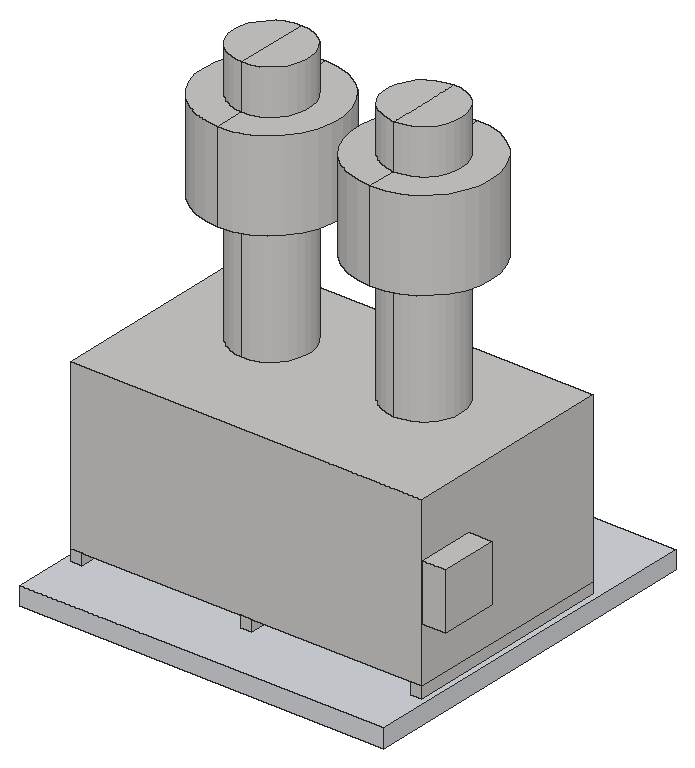
Revit family "DC_Rheem_PLM_Raypak_B3304HWT", category Plumbing Fixtures, host Face, Revit 2020
Family settings
  Host = Face
  Round Connector Dimension = Use Radius
  Part Type = Normal
  Cut with Voids When Loaded = No
  Shared = No
  Room Calculation Point = No
Parameters
  Width_ANZRS = 1430 mm
  URL = "http://www.rheem.com.au/downloads/PDF/Raypak_Mechanical_Heating_Brochure_July_09.pdf\r\n"
  Type Comments = "Recovery 12728L/h @ 50°C rise\r\n"
  TopSmallDiameter_ANZRS = 500 mm
  TopH2_ANZRS = 600 mm
  TopH1_ANZRS = 300 mm
  TopBigDiameter_ANZRS = 900 mm
  PRVDiameter_ANZRS = PRVRadius_ANZRS * 2  # 30 mm
  Materials_ANZRS = Raypak - Grey Powder Coated Steel
  PRVRadius_ANZRS = 15 mm
  PRVDistance_ANZRS = 400 mm
  Model = "B3304NCO/HWT\r\n\r\n"
  Manufacturer = "Raypak\r\n"
  Length_ANZRS = 2350 mm
  HotWaterPipeDistance_ANZRS = 235 mm
  HotWaterPipeRadius_ANZRS = 40 mm
  HotWaterPipeDiameter_ANZRS = HotWaterPipeRadius_ANZRS * 2  # 80 mm
  Height_ANZRS = 2965 mm
  GasPipeRadius_ANZRS = 40 mm
  GasPipeHeight_ANZRS = 600 mm
  GasPipeDistance_ANZRS = 210 mm
  GasPipeDiameter_ANZRS = GasPipeRadius_ANZRS * 2  # 80 mm
  EleBoxWidth_ANZRS = 160 mm
  EleBoxHeightFromBase_ANZRS = 450 mm
  EleBoxHeight_ANZRS = 380 mm
  DesignBy_ANZRS = "Design Content ©"
  Description = "Raypak - Gas Water Heater- Outdoor - 3304 MJ/h  Natural gas, On/Off gas control\r\n"
  Default Elevation = 0 mm
  ConnectionHeight_ANZRS = 910 mm
  ColdWaterPipeRadius_ANZRS = 40 mm
  ColdWaterPipeDistance_ANZRS = 567 mm
  ColdWaterPipeDiameter_ANZRS = ColdWaterPipeRadius_ANZRS * 2  # 80 mm
  BoxHeight_ANZRS = 1195 mm
  BaseWidth_ANZRS = 75 mm
  BaseHeight_ANZRS = 75 mm
  BaseDistance_ANZRS = 0 mm
  Author_ANZRS = "DM"
  Assembly Code = ""
  A1_ANZRS = 665 mm
Types (5, lengths in mm): name | URL | Type Comments | Model | GasPipeRadius_ANZRS | GasPipeDiameter_ANZRS | Description
  (no name) | "http://www.rheem.com.au/downloads/PDF/Raypak_Mechanical_Heating_Brochure_July_09.pdf\r\n" | "Recovery 12728L/h @ 50°C rise\r\n" | "B3304NCO/HWT\r\n\r\n" | 40 | 80 | "Raypak - Gas Water Heater- Outdoor - 3304 MJ/h  Natural gas, On/Off gas control\r\n"
  Raypak - Gas Water Heater- Outdoor - 3304 MJ/h  Natural gas, modulating gas control | "http://www.rheem.com.au/CommercialProducts" | "Recovery 12728L/h @ 50°C rise\r\n" | "B3304NCM/HWT\r\n" | 40 | 80 | "Raypak - Gas Water Heater- Outdoor - 3304 MJ/h  Natural gas, modulating gas control"
  Raypak - Gas Water Heater- Outdoor - 3304 MJ/h  Natural gas, On/Off gas control | "http://www.rheem.com.au/CommercialProducts" | "Recovery 12728L/h @ 50°C rise\r\n" | "B3304NCO/HWT\r\n\r\n" | 40 | 80 | "Raypak - Gas Water Heater- Outdoor - 3304 MJ/h  Natural gas, On/Off gas control\r\n"
  Raypak - Gas Water Heater- Outdoor - 3540 MJ/h  Propane gas, modulating gas control | "http://www.rheem.com.au/CommercialProducts" | "Recovery 13485L/h @ 50°C rise\r\n" | "B3304PCM/HWT\r\n" | 20 | 40 | "Raypak - Gas Water Heater- Outdoor - 3540 MJ/h  Propane gas, modulating gas control\r\n"
  Raypak - Gas Water Heater- Outdoor - 3540 MJ/h  Propane gas, On/Off gas control | "http://www.rheem.com.au/CommercialProducts" | "Recovery 13485L/h @ 50°C rise\r\n" | "B3304PCO/HWT\r\n" | 20 | 40 | "Raypak - Gas Water Heater- Outdoor - 3540 MJ/h  Propane gas, On/Off gas control\r\n"
Reference planes
  plane 1 "Center (Front/Back)": y = 0
  plane 2: z = 0
  plane 3 "Center (Left/Right)": x = 0
  plane 4: z = 75
  plane 5: x = -1175
  plane 6: x = 1175
  plane 7: x = 1335
  plane 8: z = 450
  plane 9: z = 1195
  plane 10: x = -1175
  plane 11: x = 1175
  plane 12: x = -1100
  plane 13: x = 1100
  plane 14: y = 580
  plane 15: y = -850
  plane 16: z = 2965
  plane 17: z = 2665
  plane 18: z = 2065
  plane 19: y = 250
  plane 20: y = -250
  plane 21: y = 450
  plane 22: y = -450
  plane 23: z = 910
  plane 24: y = 180
  plane 25: y = 345
  plane 26: y = -222
  plane 27: y = -640
  plane 28: z = 600
  plane 29: z = 830
  plane 30: x = -1165
  plane 31: x = -1355
  plane 32: x = -1255
  plane 33: x = -37.5
  plane 34: x = 37.5
  plane 35: x = -510
  plane 36: x = 510
  plane 37: x = -760
  plane 38: x = -260
  plane 39: x = -960
  plane 40: x = -60
  plane 41: x = 760
  plane 42: x = 260
  plane 43: x = 960
  plane 44: x = 60
  plane 45: y = -465
Forms (mm)
  Extrusion 1, solid
    sketch origin (0, 0, 0) x (1, 0, 0) y (0, 1, 0)
      loop
        line (-1219.2, 1219.2) -> (-1219.2, -1219.2) -> (1219.2, -1219.2) -> (1219.2, 1219.2) -> (-1219.2, 1219.2)
    from 0 to -120
  Extrusion 2, solid, material "Raypak - Grey Powder Coated Steel" <- "Materials_ANZRS"
    sketch origin (0, 0, 0) x (1, 0, 0) y (0, 0, 1)
      loop
        line (-1175, 75) -> (-1175, 0) -> (-1100, 0) -> (-1100, 75) -> (-1175, 75)
      loop
        line (1100, 75) -> (1100, 0) -> (1175, 0) -> (1175, 75) -> (1100, 75)
      loop
        line (-37.5, 75) -> (-37.5, 0) -> (37.5, 0) -> (37.5, 75) -> (-37.5, 75)
    from -580 to 850
  Extrusion 3, solid, material "Raypak - Grey Powder Coated Steel" <- "Materials_ANZRS"
    sketch origin (0, 0, 0) x (1, 0, 0) y (0, 1, 0)
      loop
        line (-1175, 580) -> (-1175, -850) -> (1175, -850) -> (1175, 580) -> (-1175, 580)
    from 75 to 1195
  Revolve 4, solid, material "Raypak - Grey Powder Coated Steel" <- "Materials_ANZRS"
    sketch origin (-510, -4572, 910) x (0, 0, -1) y (0, -1, 0)
      loop
        line (-2055, -4572) -> (-285, -4572) -> (-285, -4322) -> (-1155, -4322) -> (-1155, -4122) -> (-1755, -4122) -> (-1755, -4322) -> (-2055, -4322) -> (-2055, -4572)
      axis (-2055, -4572) -> (-285, -4572)
    angle from 0 to 360
  Extrusion 5, solid, material "Raypak - Grey Powder Coated Steel" <- "Materials_ANZRS"
    sketch origin (0, 0, 0) x (1, 0, 0) y (0, 0, 1)
      loop
        line (1175, 830) -> (1175, 450) -> (1335, 450) -> (1335, 830) -> (1175, 830)
    from 465 to 850
  Extrusion 6, solid, material "Raypak - Grey Powder Coated Steel" <- "Materials_ANZRS"
    sketch origin (0, 0, 0) x (0, 1, 0) y (0, 0, 1)
      loop
        circle (345, 910) r 40
      loop
        circle (-222, 910) r 40
    from -1355 to -1175
  Extrusion 7, solid, material "Raypak - Grey Powder Coated Steel" <- "Materials_ANZRS"
    sketch origin (0, 0, 0) x (0, 1, 0) y (0, 0, 1)
      loop
        circle (-640, 600) r 40
    from -1110 to -1175
  Extrusion 8, void
    sketch origin (0, 0, 0) x (0, 1, 0) y (0, 0, 1)
      loop
        circle (180, 910) r 15
    from -1175 to -1165
  Revolve 9, solid, material "Raypak - Grey Powder Coated Steel" <- "Materials_ANZRS"
    sketch origin (510, -4572, 910) x (0, 0, -1) y (0, -1, 0)
      loop
        line (-2055, -4572) -> (-285, -4572) -> (-285, -4322) -> (-1155, -4322) -> (-1155, -4122) -> (-1755, -4122) -> (-1755, -4322) -> (-2055, -4322) -> (-2055, -4572)
      axis (-2055, -4572) -> (-285, -4572)
    angle from 0 to 360
Cuts and joins
  Extrusion 8 cuts Extrusion 3
  joined: Extrusion 3, Extrusion 7
Lines and regions (mm)
  Masking region 1
    outline origin (0, 0, 0) x (0, 1, 0) y (0, 0, 1)
      loop
        line (250, 2965) -> (-250, 2965) -> (-250, 2665) -> (-450, 2665) -> (-450, 2065) -> (-250, 2065) -> (-250, 1195) -> (-850, 1195) -> (-850, 0) -> (580, 0) -> (580, 1195) -> (250, 1195) -> (250, 2065) -> (450, 2065) -> (450, 2665) -> (250, 2665) -> (250, 2965)
  Masking region 2
    outline origin (0, 0, 0) x (1, 0, 0) y (0, 1, 0)
      loop
        line (-1175, 580) -> (-1175, 385) -> (-1355, 385) -> (-1355, 305) -> (-1175, 305) -> (-1175, -182) -> (-1355, -182) -> (-1355, -262) -> (-1175, -262) -> (-1175, -600) -> (-1110, -600) -> (-1110, -680) -> (-1175, -680) -> (-1175, -850) -> (1335, -850) -> (1335, -465) -> (1175, -465) -> (1175, 580) -> (-1175, 580)
  Masking region 3
    outline origin (0, 0, 0) x (1, 0, 0) y (0, 0, 1)
      loop
        line (-260, 2665) -> (-260, 2965) -> (-510, 2965) -> (-760, 2965) -> (-760, 2665) -> (-960, 2665) -> (-960, 2065) -> (-760, 2065) -> (-760, 1195) -> (-1175, 1195) -> (-1175, 930) -> (-1355, 930) -> (-1355, 890) -> (-1175, 890) -> (-1175, 615) -> (-1255, 615) -> (-1255, 585) -> (-1175, 585) -> (-1175, 75) -> (-1175, 0) -> (-1100, 0) -> (-1100, 75) -> (-37.5, 75) -> (-37.5, 0) -> (37.5, 0) -> (37.5, 75) -> (1100, 75) -> (1100, 0) -> (1175, 0) -> (1175, 75) -> (1175, 450) -> (1335, 450) -> (1335, 830) -> (1175, 830) -> (1175, 1195) -> (760, 1195) -> (760, 2065) -> (960, 2065) -> (960, 2665) -> (760, 2665) -> (760, 2965) -> (260, 2965) -> (260, 2665) -> (60, 2665) -> (60, 2065) -> (260, 2065) -> (260, 1195) -> (-260, 1195) -> (-260, 2065) -> (-60, 2065) -> (-60, 2665) -> (-260, 2665)
  symbolic lines, style "Rheem Raypak", detail levels fine
    curve 1: line (1175, 0, 1195) -> (-1175, 0, 1195)
    curve 2: line (1175, 0, 75) -> (1175, 0, 1195)
    curve 3: line (-1175, 0, 1195) -> (-1175, 0, 75)
    curve 4: line (-1175, 0, 75) -> (1175, 0, 75)
    curve 5: line (-1100, 0, 0) -> (-1100, 0, 75)
    curve 6: line (-1175, 0, 0) -> (-1100, 0, 0)
    curve 7: line (-1175, 0, 75) -> (-1175, 0, 0)
    curve 8: line (1175, 0, 0) -> (1175, 0, 75)
    curve 9: line (1100, 0, 75) -> (1100, 0, 0)
    curve 10: line (1100, 0, 0) -> (1175, 0, 0)
    curve 11: line (1175, 0, 450) -> (1335, 0, 450)
    curve 12: line (1335, 0, 450) -> (1335, 0, 830)
    curve 13: line (1335, 0, 830) -> (1175, 0, 830)
    curve 14: line (-1255, 0, 585) -> (-1175, 0, 585)
    curve 15: line (-1255, 0, 615) -> (-1255, 0, 585)
    curve 16: line (-1175, 0, 615) -> (-1255, 0, 615)
    curve 17: line (0, -450, 2665) -> (0, 450, 2665)
    curve 18: line (0, -450, 2065) -> (0, 450, 2065)
    curve 19: line (0, 450, 2065) -> (0, 450, 2665)
    curve 20: line (0, -450, 2665) -> (0, -450, 2065)
    curve 21: line (0, -250, 2965) -> (0, -250, 2665)
    curve 22: line (0, 250, 2665) -> (0, 250, 2965)
    curve 23: line (0, -250, 2965) -> (0, 250, 2965)
    curve 24: line (0, -250, 2065) -> (0, -250, 1195)
    curve 25: line (0, 250, 1195) -> (0, 250, 2065)
    curve 26: line (0, 580, 1195) -> (0, -850, 1195)
    curve 27: line (0, -850, 1195) -> (0, -850, 75)
    curve 28: line (0, 580, 75) -> (0, 580, 1195)
    curve 29: line (0, -850, 75) -> (0, 580, 75)
    curve 30: line (0, 580, 0) -> (0, 580, 75)
    curve 31: line (0, -850, 75) -> (0, -850, 0)
    curve 32: line (0, -850, 0) -> (0, 580, 0)
    curve 33: arc (0, -242, 910) -> (0, -222, 890) -> (0, -202, 910) r 20
    curve 34: arc (0, -202, 910) -> (0, -222, 930) -> (0, -242, 910) r 20
    curve 35: arc (0, -625, 600) -> (0, -640, 585) -> (0, -655, 600) r 15
    curve 36: arc (0, -655, 600) -> (0, -640, 615) -> (0, -625, 600) r 15
    curve 37: arc (0, 325, 910) -> (0, 345, 890) -> (0, 365, 910) r 20
    curve 38: arc (0, 365, 910) -> (0, 345, 930) -> (0, 325, 910) r 20
    curve 39: arc (0, 165, 910) -> (0, 180, 895) -> (0, 195, 910) r 15
    curve 40: arc (0, 195, 910) -> (0, 180, 925) -> (0, 165, 910) r 15
    curve 41: line (1175, -850, 0) -> (1175, 580, 0)
    curve 42: line (-1175, -850, 0) -> (1175, -850, 0)
    curve 43: line (-1175, 580, 0) -> (-1175, -850, 0)
    curve 44: line (1335, -850, 0) -> (1335, 580, 0)
    curve 45: line (1175, -850, 0) -> (1335, -850, 0)
    curve 46: line (-1110, -600, 0) -> (-1110, -680, 0)
    curve 47: line (-1110, -600, 0) -> (-1175, -600, 0)
    curve 48: line (-1110, -680, 0) -> (-1175, -680, 0)
    curve 49: line (37.5, 0, 0) -> (37.5, 0, 75)
    curve 50: line (-1175, 0, 75) -> (1175, 0, 75)
    curve 51: line (-37.5, 0, 75) -> (-37.5, 0, 0)
    curve 52: line (-37.5, 0, 0) -> (37.5, 0, 0)
    curve 53: line (1335, 580, 0) -> (-1175, 580, 0)
    curve 54: line (960, 0, 2065) -> (960, 0, 2665)
    curve 55: line (60, 0, 2065) -> (60, 0, 2665)
    curve 56: line (260, 0, 2965) -> (260, 0, 2665)
    curve 57: line (760, 0, 2965) -> (760, 0, 2665)
    curve 58: line (60, 0, 2065) -> (960, 0, 2065)
    curve 59: line (60, 0, 2665) -> (960, 0, 2665)
    curve 60: line (260, 0, 2965) -> (760, 0, 2965)
    curve 61: line (260, 0, 2065) -> (260, 0, 1195)
    curve 62: line (760, 0, 2065) -> (760, 0, 1195)
    curve 63: line (-260, 0, 2965) -> (-510, 0, 2965)
    curve 64: line (-510, 0, 2965) -> (-760, 0, 2965)
    curve 65: line (-510, 0, 2665) -> (-960, 0, 2665)
    curve 66: line (-60, 0, 2665) -> (-510, 0, 2665)
    curve 67: line (-60, 0, 2065) -> (-510, 0, 2065)
    curve 68: line (-510, 0, 2065) -> (-960, 0, 2065)
    curve 69: line (-960, 0, 2065) -> (-960, 0, 2665)
    curve 70: line (-760, 0, 2965) -> (-760, 0, 2665)
    curve 71: line (-260, 0, 2965) -> (-260, 0, 2665)
    curve 72: line (-60, 0, 2065) -> (-60, 0, 2665)
    curve 73: line (-260, 0, 2065) -> (-260, 0, 1195)
    curve 74: line (-760, 0, 2065) -> (-760, 0, 1195)
    curve 83: line (-1175, 0, 930) -> (-1355, 0, 930)
    curve 84: line (-1355, 0, 930) -> (-1355, 0, 890)
    curve 85: line (-1355, 0, 890) -> (-1175, 0, 890)
  symbolic lines, style "Rheem Raypak"
    curve 75: arc (-510, -450, 0) -> (-60, 0, 0) -> (-510, 450, 0) r 450
    curve 76: arc (-510, 450, 0) -> (-960, 0, 0) -> (-510, -450, 0) r 450
    curve 77: arc (-510, 250, 0) -> (-760, 0, 0) -> (-510, -250, 0) r 250
    curve 78: arc (-510, -250, 0) -> (-260, 0, 0) -> (-510, 250, 0) r 250
    curve 79: arc (510, -450, 0) -> (60, 0, 0) -> (510, 450, 0) r 450
    curve 80: arc (510, -250, 0) -> (260, 0, 0) -> (510, 250, 0) r 250
    curve 81: arc (510, 250, 0) -> (760, 0, 0) -> (510, -250, 0) r 250
    curve 82: arc (510, 450, 0) -> (960, 0, 0) -> (510, -450, 0) r 450
Dimensions and locks
  "BaseHeight_ANZRS": plane 4 to level
  equal spacing: plane 6, plane 3 "Center (Left/Right)", plane 5
  "Length_ANZRS": plane 5 to plane 6
  "EleBoxWidth_ANZRS": plane 6 to plane 7
  "EleBoxHeightFromBase_ANZRS": plane 8 to Extrusion 1
  "EleBoxHeight_ANZRS": plane 29 to plane 8
  "BaseDistance_ANZRS": plane 10 to plane 5
  "BaseDistance_ANZRS": plane 11 to plane 6
  "BaseWidth_ANZRS": plane 10 to plane 12
  "BaseWidth_ANZRS": plane 11 to plane 13
  plane 1 "Center (Front/Back)" to plane 15 = 850 mm
  "Width_ANZRS": plane 14 to plane 15
  "Height_ANZRS": plane 16 to Extrusion 1
  "TopSmallDiameter_ANZRS": plane 19 to plane 20
  equal spacing: plane 19, plane 1 "Center (Front/Back)", plane 20
  equal spacing: plane 21, plane 1 "Center (Front/Back)", plane 22
  "TopBigDiameter_ANZRS": plane 21 to plane 22
  "ConnectionHeight_ANZRS": plane 23 to Extrusion 1
  "BoxHeight_ANZRS": plane 9 to Extrusion 1
  "PRVDistance_ANZRS": plane 14 to plane 24
  "HotWaterPipeDistance_ANZRS": plane 14 to plane 25
  "ColdWaterPipeDistance_ANZRS": plane 25 to plane 26
  "GasPipeDistance_ANZRS": plane 27 to plane 15
  "GasPipeHeight_ANZRS": plane 28 to Extrusion 1
  "TopH1_ANZRS": plane 16 to plane 17
  "TopH2_ANZRS": plane 17 to plane 18
  locked: plane 5 to plane 30 at 10
  plane 31 to plane 5 = 180 mm
  plane 31 to cut or joined group of Extrusion 3, Extrusion 7, Extrusion 8 = 180 mm
  plane 32 to cut or joined group of Extrusion 3, Extrusion 7, Extrusion 8 = 80 mm
  equal spacing: plane 33, plane 3 "Center (Left/Right)", plane 34
  "BaseWidth_ANZRS": plane 33 to plane 34
  plane 32 to plane 10 = 80 mm
  plane 31 to plane 10 = 180 mm
  "A1_ANZRS": plane 10 to plane 35
  "A1_ANZRS": plane 36 to plane 11
  equal spacing: plane 38, plane 35, plane 37
  "TopSmallDiameter_ANZRS": plane 38 to plane 37
  equal spacing: plane 39, plane 35, plane 40
  "TopBigDiameter_ANZRS": plane 39 to plane 40
  "TopSmallDiameter_ANZRS": plane 42 to plane 41
  "TopBigDiameter_ANZRS": plane 43 to plane 44
  equal spacing: plane 41, plane 36, plane 42
  equal spacing: plane 44, plane 36, plane 43
  equal spacing: Masking region 2 sketch curve, plane 25, Masking region 2 sketch curve
  "HotWaterPipeDiameter_ANZRS": Masking region 2 sketch curve to Masking region 2 sketch curve
  equal spacing: Masking region 2 sketch curve, plane 26, Masking region 2 sketch curve
  "ColdWaterPipeDiameter_ANZRS": Masking region 2 sketch curve to Masking region 2 sketch curve
  equal spacing: Masking region 2 sketch curve, plane 27, Masking region 2 sketch curve
  "GasPipeDiameter_ANZRS": Masking region 2 sketch curve to Masking region 2 sketch curve
  "ColdWaterPipeRadius_ANZRS": radius of Extrusion 6 sketch curve
  "HotWaterPipeRadius_ANZRS": radius of Extrusion 6 sketch curve
  "GasPipeRadius_ANZRS": radius of Extrusion 7 sketch curve
  "PRVRadius_ANZRS": radius of Extrusion 8 sketch curve
  aligned and locked: plane 2 to Extrusion 1
  aligned and locked: level to Extrusion 1
  aligned and locked: Extrusion 2 sketch curve to plane 4  (x2)
  aligned and locked: Extrusion 2 sketch curve to plane 10
  aligned and locked: level to Extrusion 2 sketch curve  (x2)
  aligned and locked: plane 12 to Extrusion 2 sketch curve
  aligned and locked: plane 13 to Extrusion 2 sketch curve
  aligned and locked: plane 11 to Extrusion 2 sketch curve
  aligned and locked: plane 14 to Extrusion 3 sketch curve
  aligned and locked: plane 15 to Extrusion 3 sketch curve
  aligned and locked: plane 6 to Extrusion 3 sketch curve
  aligned and locked: plane 9 to Extrusion 3
  aligned and locked: Extrusion 3 to plane 4
  aligned and locked: Extrusion 2 to plane 15
  aligned and locked: Extrusion 2 to plane 14
  aligned and locked: plane 16 to Revolve 4 sketch curve
  aligned and locked: Revolve 4 sketch curve to plane 20
  aligned and locked: Revolve 4 sketch curve to plane 22
  aligned and locked: plane 9 to Revolve 4 sketch curve
  aligned and locked: Revolve 4 sketch curve to plane 1 "Center (Front/Back)"
  aligned and locked: Extrusion 5 sketch curve to plane 29
  aligned and locked: Extrusion 5 sketch curve to plane 6
  aligned and locked: Extrusion 5 sketch curve to plane 8
  aligned and locked: plane 7 to Extrusion 5 sketch curve
  aligned: Extrusion 2 to Extrusion 5
  aligned and locked: Extrusion 5 to Extrusion 2
  aligned and locked: plane 25 to Extrusion 6 sketch curve
  aligned and locked: plane 23 to Extrusion 6 sketch curve  (x2)
  aligned and locked: plane 26 to Extrusion 6 sketch curve
  aligned and locked: Extrusion 3 to plane 5
  aligned: Extrusion 6 to plane 5
  aligned: Extrusion 6 to plane 30
  aligned and locked: plane 28 to Extrusion 7 sketch curve
  aligned and locked: plane 27 to Extrusion 7 sketch curve
  aligned: plane 31 to Extrusion 7
  aligned: Extrusion 7 to plane 30
  aligned: plane 5 to Extrusion 7
  aligned and locked: plane 16 to Masking region 1 sketch curve
  aligned and locked: Masking region 1 sketch curve to plane 17
  aligned and locked: Masking region 1 sketch curve to plane 22
  aligned and locked: plane 21 to Masking region 1 sketch curve
  aligned and locked: plane 19 to Masking region 1 sketch curve
  aligned and locked: Masking region 1 sketch curve to plane 20
  aligned and locked: plane 9 to Masking region 1 sketch curve
  aligned and locked: Masking region 1 sketch curve to plane 15
  aligned and locked: plane 14 to Masking region 1 sketch curve
  aligned and locked: Extrusion 1 to Masking region 1 sketch curve
  aligned and locked: Masking region 1 sketch curve to plane 18
  aligned and locked: curve 1 to cut or joined group of Extrusion 3, Extrusion 7, Extrusion 8
  aligned and locked: curve 2 to cut or joined group of Extrusion 3, Extrusion 7, Extrusion 8
  aligned and locked: curve 3 to cut or joined group of Extrusion 3, Extrusion 7, Extrusion 8
  aligned and locked: curve 4 to cut or joined group of Extrusion 3, Extrusion 7, Extrusion 8
  aligned and locked: curve 5 to Extrusion 2
  aligned and locked: curve 6 to Extrusion 2
  aligned and locked: curve 7 to Extrusion 2
  aligned and locked: curve 8 to Extrusion 2
  aligned and locked: curve 9 to Extrusion 2
  aligned and locked: curve 10 to Extrusion 2
  aligned and locked: curve 11 to Extrusion 5
  aligned and locked: curve 12 to Extrusion 5
  aligned and locked: curve 13 to Extrusion 5
  aligned: curve 15 to cut or joined group of Extrusion 3, Extrusion 7, Extrusion 8
  aligned and locked: curve 17 to Revolve 4
  aligned and locked: curve 18 to Revolve 4
  aligned and locked: curve 19 to Masking region 1
  aligned and locked: curve 20 to Masking region 1
  aligned and locked: curve 21 to Masking region 1
  aligned and locked: curve 22 to Masking region 1
  aligned and locked: curve 23 to Revolve 4
  aligned and locked: curve 24 to Masking region 1
  aligned and locked: curve 25 to Masking region 1
  aligned and locked: curve 26 to cut or joined group of Extrusion 3, Extrusion 7, Extrusion 8
  aligned and locked: curve 27 to cut or joined group of Extrusion 3, Extrusion 7, Extrusion 8
  aligned and locked: curve 28 to cut or joined group of Extrusion 3, Extrusion 7, Extrusion 8
  aligned and locked: curve 29 to cut or joined group of Extrusion 3, Extrusion 7, Extrusion 8
  aligned and locked: curve 30 to Extrusion 2
  aligned and locked: curve 31 to Extrusion 2
  aligned and locked: curve 32 to Extrusion 2
  aligned and locked: curve 41 to cut or joined group of Extrusion 3, Extrusion 7, Extrusion 8
  aligned and locked: curve 42 to cut or joined group of Extrusion 3, Extrusion 7, Extrusion 8
  aligned and locked: curve 43 to cut or joined group of Extrusion 3, Extrusion 7, Extrusion 8
  aligned and locked: curve 44 to Extrusion 5
  aligned and locked: curve 45 to Extrusion 5
  aligned: curve 46 to cut or joined group of Extrusion 3, Extrusion 7, Extrusion 8
  aligned and locked: plane 31 to Extrusion 6
  aligned: plane 5 to Extrusion 6
  aligned: plane 32 to Extrusion 7
  aligned and locked: curve 49 to Extrusion 2
  aligned and locked: curve 50 to cut or joined group of Extrusion 3, Extrusion 7, Extrusion 8
  aligned and locked: curve 51 to Extrusion 2
  aligned and locked: curve 52 to Extrusion 2
  aligned and locked: Masking region 2 sketch curve to curve 53
  aligned and locked: Masking region 2 sketch curve to Extrusion 2
  aligned and locked: Masking region 2 sketch curve to Extrusion 5  (x2)
  aligned and locked: Extrusion 6 to Masking region 2 sketch curve
  aligned and locked: Masking region 2 sketch curve to cut or joined group of Extrusion 3, Extrusion 7, Extrusion 8
  aligned and locked: plane 32 to curve 15
  aligned and locked: plane 24 to Extrusion 8 sketch curve
  aligned and locked: plane 23 to Extrusion 8 sketch curve
  aligned and locked: Extrusion 8 to plane 5
  aligned: Extrusion 6 to Extrusion 8
  aligned and locked: curve 47 to Extrusion 7
  aligned and locked: cut or joined group of Extrusion 3, Extrusion 7, Extrusion 8 to plane 10
  aligned and locked: Extrusion 8 to plane 30
  aligned and locked: Extrusion 6 to plane 10
  aligned and locked: plane 22 to Revolve 9 sketch curve
  aligned and locked: Revolve 9 sketch curve to plane 18
  aligned and locked: plane 20 to Revolve 9 sketch curve  (x2)
  aligned and locked: Revolve 9 sketch curve to plane 16
  aligned and locked: Revolve 9 sketch curve to plane 17
  aligned and locked: Revolve 9 sketch curve to plane 1 "Center (Front/Back)"
  aligned and locked: curve 54 to plane 43
  aligned and locked: curve 55 to plane 44
  aligned and locked: curve 56 to plane 42
  aligned and locked: plane 41 to curve 57
  aligned and locked: curve 58 to plane 18
  aligned and locked: curve 59 to plane 17
  aligned and locked: curve 60 to plane 16
  aligned and locked: curve 63 to Revolve 4
  aligned and locked: curve 64 to Revolve 4
  aligned and locked: curve 65 to Revolve 4
  aligned and locked: curve 66 to Revolve 4
  aligned and locked: curve 67 to Revolve 4
  aligned and locked: curve 68 to Revolve 4
  aligned and locked: curve 69 to plane 39
  aligned and locked: curve 70 to plane 37
  aligned and locked: plane 38 to curve 71
  aligned and locked: curve 72 to plane 40
  aligned and locked: plane 17 to curve 72
  aligned and locked: plane 17 to curve 70
  aligned and locked: plane 17 to curve 71
  aligned and locked: plane 18 to curve 74
  aligned and locked: plane 18 to curve 73
  aligned and locked: Masking region 3 sketch curve to curve 71
  aligned and locked: Masking region 3 sketch curve to curve 63
  aligned and locked: Masking region 3 sketch curve to curve 64
  aligned and locked: Masking region 3 sketch curve to curve 70
  aligned and locked: Masking region 3 sketch curve to curve 56
  aligned and locked: Masking region 3 sketch curve to curve 60
  aligned and locked: Masking region 3 sketch curve to curve 57
  aligned and locked: Revolve 4 to Masking region 3 sketch curve  (x2)
  aligned and locked: Masking region 3 sketch curve to Revolve 4  (x2)
  aligned and locked: Masking region 3 sketch curve to curve 69
  aligned and locked: Masking region 3 sketch curve to curve 72
  aligned and locked: Masking region 3 sketch curve to curve 74
  aligned and locked: Masking region 3 sketch curve to curve 73
  aligned and locked: Masking region 3 sketch curve to curve 61
  aligned and locked: Masking region 3 sketch curve to curve 62
  aligned and locked: Revolve 9 to Masking region 3 sketch curve  (x2)
  aligned and locked: Masking region 3 sketch curve to Revolve 9  (x2)
  aligned and locked: Masking region 3 sketch curve to curve 54
  aligned and locked: Masking region 3 sketch curve to curve 55
  aligned and locked: Masking region 3 sketch curve to cut or joined group of Extrusion 3, Extrusion 7, Extrusion 8  (x3)
  aligned and locked: Masking region 3 sketch curve to Extrusion 2  (x9)
  aligned and locked: cut or joined group of Extrusion 3, Extrusion 7, Extrusion 8 to Masking region 3 sketch curve
  aligned and locked: Masking region 3 sketch curve to Extrusion 5  (x3)
  aligned and locked: plane 9 to curve 73
  aligned and locked: plane 9 to curve 74
  aligned and locked: curve 75 to Revolve 4
  aligned and locked: curve 76 to Revolve 4
  aligned and locked: curve 77 to Revolve 4
  aligned and locked: curve 78 to Revolve 4
  aligned and locked: curve 79 to Revolve 9
  aligned and locked: curve 80 to Revolve 9
  aligned and locked: curve 81 to Revolve 9
  aligned and locked: curve 82 to Revolve 9
  aligned and locked: plane 31 to Masking region 3 sketch curve
  aligned and locked: plane 32 to Masking region 3 sketch curve
  aligned and locked: curve 83 to Masking region 3
  aligned and locked: Extrusion 6 to curve 84
  aligned and locked: curve 85 to Masking region 3
  aligned and locked: plane 45 to Extrusion 5
  aligned and locked: plane 45 to Masking region 2 sketch curve
  aligned and locked: Masking region 2 sketch curve to plane 11
  aligned and locked: curve 47 to Masking region 2
  aligned and locked: curve 48 to Masking region 2
Automatic sketch dimensions
  curve 43 to plane 5 = 0 mm
  curve 45 to plane 6 = 0 mm
  curve 44 to plane 7 = 0 mm
  curve 42 to plane 15 = 0 mm
  plane 14 to curve 44 = 0 mm
  plane 27 to curve 48 = 40 mm
  curve 47 to plane 27 = 40 mm
  curve 33 to curve 34 = 0 mm  (x2)
  curve 35 to curve 36 = 0 mm  (x2)
  curve 37 to curve 38 = 0 mm  (x2)
  curve 39 to curve 40 = 0 mm  (x2)
  curve 31 to plane 4 = 0 mm
  curve 31 to plane 15 = 0 mm
  curve 36 to plane 28 = 0 mm
  curve 35 to plane 27 = 0 mm
  curve 18 to plane 18 = 0 mm
  curve 18 to plane 22 = 0 mm
  curve 23 to plane 16 = 0 mm
  curve 23 to plane 20 = 0 mm
  curve 24 to plane 9 = 0 mm
  curve 24 to plane 20 = 0 mm
  curve 33 to plane 23 = 0 mm
  curve 33 to plane 26 = 0 mm
  curve 39 to plane 23 = 0 mm
  curve 40 to plane 24 = 0 mm
  curve 22 to plane 19 = 0 mm
  curve 25 to plane 19 = 0 mm
  curve 37 to plane 23 = 0 mm
  curve 37 to plane 25 = 0 mm
  plane 17 to curve 19 = 0 mm
  curve 19 to plane 21 = 0 mm
  curve 29 to plane 14 = 0 mm
  curve 32 to level = 0 mm
  curve 36 to curve 35 = 15 mm
  plane 26 to curve 33 = 20 mm
  plane 24 to curve 39 = 15 mm
  plane 25 to curve 37 = 20 mm
  Extrusion 1 sketch curve to Extrusion 1 sketch curve = 2438.4 mm  (x2)
  Extrusion 2 sketch curve to plane 4 = 0 mm
  plane 33 to Extrusion 2 sketch curve = 0 mm
  Extrusion 2 sketch curve to level = 0 mm
  Extrusion 2 sketch curve to plane 34 = 0 mm
  Extrusion 3 sketch curve to plane 5 = 0 mm
  Masking region 1 sketch curve to plane 17 = 0 mm
  Masking region 1 sketch curve to plane 20 = 0 mm
  Masking region 1 sketch curve to plane 19 = 0 mm
  Masking region 1 sketch curve to plane 9 = 0 mm
  Masking region 1 sketch curve to plane 18 = 0 mm
  plane 32 to curve 14 = 0 mm
  curve 3 to plane 4 = 0 mm
  curve 3 to plane 5 = 0 mm
  curve 6 to level = 0 mm
  curve 6 to plane 5 = 0 mm
  plane 12 to curve 6 = 0 mm
  curve 74 to plane 37 = 0 mm
  curve 63 to plane 16 = 0 mm
  plane 35 to curve 63 = 0 mm
  plane 35 to curve 67 = 0 mm
  plane 35 to curve 66 = 0 mm
  plane 38 to curve 73 = 0 mm
  plane 33 to curve 51 = 0 mm
  curve 49 to plane 34 = 0 mm
  curve 61 to plane 42 = 0 mm
  plane 41 to curve 62 = 0 mm
  curve 10 to level = 0 mm
  curve 10 to plane 13 = 0 mm
  plane 6 to curve 4 = 0 mm
  plane 6 to curve 10 = 0 mm
  plane 7 to curve 12 = 0 mm
  curve 52 to level = 0 mm
  curve 11 to plane 8 = 0 mm
  curve 13 to plane 29 = 0 mm
  curve 14 to plane 28 = 15 mm
  plane 28 to curve 16 = 15 mm
  Revolve 9 sketch curve to plane 1 "Center (Front/Back)" = 0 mm
  Revolve 9 sketch curve to plane 9 = 0 mm
  Revolve 9 sketch curve to Revolve 9 sketch curve = 51.193 mm
  level to Revolve 9 sketch curve = 2207.352 mm
  Revolve 4 sketch curve to plane 1 "Center (Front/Back)" = 0 mm
  Revolve 4 sketch curve to plane 17 = 0 mm
  Revolve 4 sketch curve to plane 18 = 0 mm
  Revolve 4 sketch curve to plane 20 = 0 mm
  Revolve 4 sketch curve to plane 16 = 51.193 mm
  Revolve 4 sketch curve to level = 2207.352 mm
  plane 35 to Masking region 3 sketch curve = 0 mm
  plane 6 to Masking region 3 sketch curve = 0 mm
  Masking region 3 sketch curve to plane 4 = 0 mm  (x3)
  Masking region 3 sketch curve to plane 9 = 0 mm  (x2)
  Masking region 3 sketch curve to plane 28 = 15 mm
  plane 28 to Masking region 3 sketch curve = 15 mm
  Masking region 3 sketch curve to plane 23 = 20 mm
  plane 23 to Masking region 3 sketch curve = 20 mm
  Masking region 3 sketch curve to plane 5 = 0 mm
  plane 31 to curve 83 = 0 mm
  plane 23 to curve 83 = 20 mm
  curve 84 to plane 23 = 20 mm
  Masking region 2 sketch curve to plane 31 = 0 mm
  Masking region 2 sketch curve to plane 5 = 0 mm  (x3)
Connectors
  piping at (-1110, -615, 600), diameter 80, driven by "GasPipeRadius_ANZRS"
    settings: on cut or joined group of Extrusion 3, Extrusion 7, Extrusion 8, index 4, connector inside diameter 3.14961", connector length 0 mm, flow factor 0, pipe flow 0 GPM, pressure drop 0.00 psi, fitting loss kfactor 0, connector angle 0.00°, fixture units 0, engagement length 0 mm, angle of deflection 0.00°, flow configuration 1, flow direction 1, fitting loss method 0, system type 22, joint type 0, gender type 0, connector reference index -1, connector utility 0, adjustable connector no, is connector primary yes, connector description "Gas"
  piping at (-1355, 345, 910), diameter 80, driven by "HotWaterPipeRadius_ANZRS"
    settings: on Extrusion 6, index 5, connector inside diameter 3.14961", connector length 0 mm, flow factor 0, pipe flow 0 GPM, pressure drop 0.00 psi, fitting loss kfactor 0, connector angle 0.00°, fixture units 0, engagement length 0 mm, angle of deflection 0.00°, flow configuration 1, flow direction 2, fitting loss method 0, system type 19, joint type 0, gender type 0, connector reference index -1, connector utility 0, adjustable connector no, is connector primary no, connector description ""
  piping at (-1355, -222, 910), diameter 80, driven by "ColdWaterPipeRadius_ANZRS"
    settings: on Extrusion 6, index 7, connector inside diameter 3.14961", connector length 0 mm, flow factor 0, pipe flow 0 GPM, pressure drop 0.00 psi, fitting loss kfactor 0, connector angle 0.00°, fixture units 0, engagement length 0 mm, angle of deflection 0.00°, flow configuration 1, flow direction 1, fitting loss method 0, system type 20, joint type 0, gender type 0, connector reference index -1, connector utility 0, adjustable connector no, is connector primary no, connector description ""
  piping at (-1175, 180, 910), diameter 30, driven by "PRVRadius_ANZRS"
    settings: on cut or joined group of Extrusion 3, Extrusion 7, Extrusion 8, index 8, connector inside diameter 1.1811", connector length 0 mm, flow factor 0, pipe flow 0 GPM, pressure drop 0.00 psi, fitting loss kfactor 0, connector angle 0.00°, fixture units 0, engagement length 0 mm, angle of deflection 0.00°, flow configuration 1, flow direction 2, fitting loss method 0, system type 22, joint type 0, gender type 0, connector reference index -1, connector utility 0, adjustable connector no, is connector primary no, connector description "PRV"
